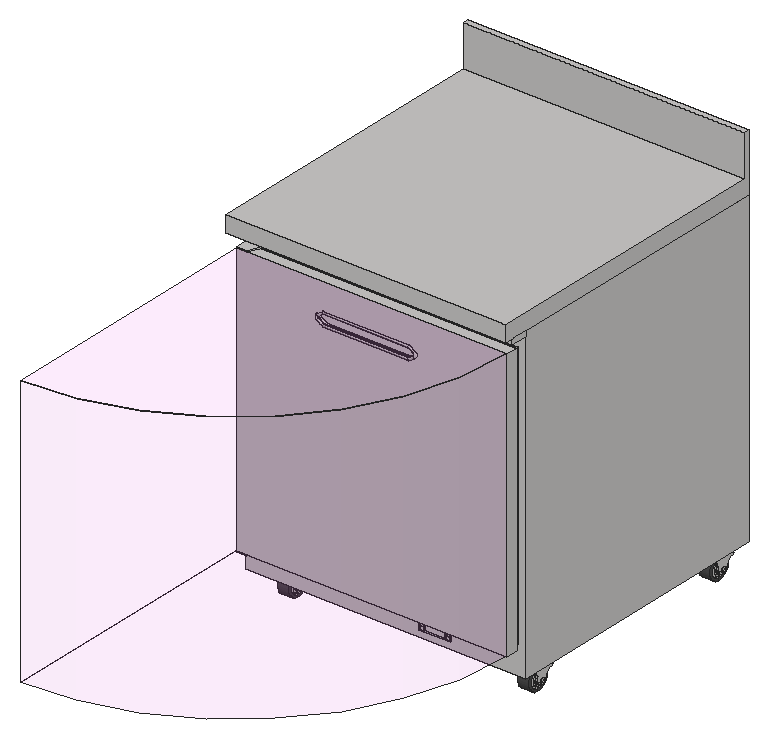
Revit family "QF_Kelvinator_738299_KCHUCWT27R", category Specialty Equipment, Revit 2021
Family settings
  Round Connector Dimension = Use Diameter
  Part Type = Normal
  Work Plane-Based = No
  Always vertical = Yes
  Cut with Voids When Loaded = No
  Shared = No
  Room Calculation Point = No
Parameters
  Weight in Pounds = 143.3
  Weight = 65.00 lbm
  Watts = 0 W
  Volts = 115 V
  URL Manufacturer = "KELVINATOR"
  URL Cutsheet = ""
  URL = "KELVINATOR"
  Specification by User = ""
  Specification by Manufacturer = ""
  Show Right Door [instance] = not(Show Left Door)  # no
  Show Left Door [instance] = yes
  Serial Number = ""
  Seismic Rating = ""
  SMACNA No = ""
  Revision Code = ""
  Refrigerant Type = "R600a"
  Phase = 1
  Number of Poles = 1
  NAFEM Spec ID Number = ""
  Model = "KCHUCWT27R"
  Min Ckt Ampacity = 0 A
  Max Overcurrent Protection = 0 A
  Masterspec = ""
  Manufacturer = "Kelvinator"
  Length Actual = 705"
  Length = 27 3/4"
  Item Number = "738299"
  Installed By = ""
  Identify Quantity as Lot = yes
  Height Actual = 1007"
  Height = 39 5/8"
  HP = "0.2 HP"
  Gas KW = 0
  Furnished By = ""
  Foodservice Equipment Identifier = yes
  FL Amps = 1.5 A
  Electrical Remarks = ""
  Electric Connection Type = ""
  Elec Conn RI Height = 0"
  Elec Conn Connection Height = 0"
  Description = "1-DOOR REFRIGERATED WORK TOP 27\" LONG"
  Depth Actual = 760"
  Depth = 29 15/16"
  Default Elevation = 0"
  Cycle = 60 Hz
  Conn Plug = "5-15P"
  Conn Conduit = yes
  CSI MasterFormat = ""
  Apparent Power = 0 VA
  Accessory = no
Reference planes (in)
  plane 1 "BACK": y = 0
  plane 2: z = 0
  plane 3 "LEFT": x = 0
  plane 4 "RIGHT": x = 27.75
  plane 5 "FRONT": y = -29.9375
  plane 6 "TOP": z = 39.625
  plane 7 "Center Y": x = 13.875
  plane 8 "Center X": y = -14.96875
Dimensions and locks (in)
  equal spacing: plane 3 "LEFT", plane 7 "Center Y", plane 4 "RIGHT"
  "Length": plane 3 "LEFT" to plane 4 "RIGHT"
  equal spacing: plane 5 "FRONT", plane 8 "Center X", plane 1 "BACK"
  "Depth": plane 5 "FRONT" to plane 1 "BACK"
  "Height": plane 6 "TOP" to level
  aligned and locked: level to plane 2
Nested families (in)
  nested 1: "KCHST.0001" at (0, 0, 0), Show Right Door <- "Show Right Door", Show Left Door <- "Show Left Door", type "KCHST.0001"
    with Show Right Door no, Show Left Door yes, Show Clearance yes
Connectors (in)
  electrical at (13.85, -0.87772, 2.31881), driven by "Volts", driven by "Watts"
    settings: on nested 1, index 1, voltage 115 V, apparent load 0 VA, apparent load phase1 0 VA, apparent load phase2 0 VA, apparent load phase3 0 VA, power factor 1, load classification "Other", number of poles 1, system type 30, power factor state 1, is connector primary yes, connector utility no, sub classification motor no, connector description ""
Definition of nested family "KCHST.0001"
  Parameters (values of type "KCHST.0001")
    Show Left Door [instance] = yes
    Weight in Pounds = 0
    URL Cutsheet = ""
    Specification by User = ""
    Specification by Manufacturer = ""
    Show Right Door [instance] = yes
    Show Clearance [instance] = yes
    Serial Number = ""
    Seismic Rating = ""
    SMACNA No = ""
    Revision Code = ""
    NAFEM Spec ID Number = ""
    Masterspec = ""
    Length = 27 3/4"
    Item Number = ""
    Installed By = ""
    Identify Quantity as Lot = yes
    Height = 39 5/8"
    Furnished By = ""
    Foodservice Equipment Identifier = yes
    Depth = 29 15/16"
    Default Elevation = 0"
    CSI MasterFormat = ""
  Reference planes (in)
    plane 1 "BACK": y = 0
    plane 2: z = 0
    plane 3 "LEFT": x = 0
    plane 4 "RIGHT": x = 27.75
    plane 5 "FRONT": y = -29.9375
    plane 6 "TOP": z = 39.625
    plane 7 "Center Y": x = 13.875
    plane 8 "Center X": y = -14.96875
    plane 9: z = 3.1
    plane 10: z = 33.9
    plane 11: y = -56
    plane 12: y = -29.2
    plane 13: z = 32.4
    plane 14: z = 5.6
    plane 15: y = -27.5
    plane 16: x = 25.75
    plane 17: x = 2
    plane 18: x = 27.25
    plane 19: x = 0.5
    plane 20: z = 35.5
    plane 21: y = -27.2
  Forms (in)
    Extrusion 1, solid
      sketch origin (0, 0, 0) x (0, 1, 0) y (0, 0, 1)
        loop
          line (-27.5, 33.9) -> (-27.5, 3.1) -> (0, 3.1) -> (0, 33.9) -> (-27.5, 33.9)
      from 0 to 27.75
    Extrusion 2, solid
      sketch origin (0, 0, 0) x (0, 1, 0) y (0, 0, 1)
        loop
          line (-0.48673, 39.625) -> (-0.48673, 35.5) -> (-29.9375, 35.5) -> (-29.9375, 33.9) -> (0, 33.9) -> (0, 39.625) -> (-0.48673, 39.625)
      from 0 to 27.75
    Extrusion 3, solid
      sketch origin (0, 0, 0) x (0, 1, 0) y (0, 0, 1)
        loop
          line (-29.2, 33.9) -> (-29.2, 33.4) -> (-27.5, 33.4) -> (-27.5, 33.9) -> (-29.2, 33.9)
      from 0 to 27.75
    Extrusion 4, solid
      sketch origin (13.875, 6.90541, 48) x (0, 1, 0) y (0, 0, 1)
        loop
          line (-36.10541, -15.6) -> (-36.10541, -42.4) -> (-34.95211, -42.4) -> (-34.95211, -15.6) -> (-36.10541, -15.6)
      from 13.375 to -13.375
    Extrusion 5, solid
      sketch origin (0, 0, 0) x (0, 1, 0) y (0, 0, 1)
        loop
          line (-28.04671, 32.20449) -> (-28.04671, 5.81322) -> (-27.79671, 5.81322) -> (-27.79671, 32.20449) -> (-28.04671, 32.20449)
      from 0.74536 to 26.90213
    Extrusion 6, solid
      sketch origin (0, 0.25, 0) x (0, 1, 0) y (0, 0, 1)
        loop
          line (-28.04671, 32.20449) -> (-28.04671, 5.81322) -> (-27.864, 5.81322) -> (-27.864, 32.20449) -> (-28.04671, 32.20449)
      from 0.74536 to 26.90213
    Extrusion 7, solid
      sketch origin (0, 0.4327, 0) x (0, 1, 0) y (0, 0, 1)
        loop
          line (-28.04671, 32.20449) -> (-28.04671, 5.81322) -> (-27.9327, 5.81322) -> (-27.9327, 32.20449) -> (-28.04671, 32.20449)
      from 0.74536 to 26.90213
    Extrusion 8, solid
      sketch origin (-4.97957, -27.5, -4.77927) x (-1, 0, 0) y (0, 0, 1)
        loop
          line (-22.17533, 9.70772) -> (-25.32493, 9.70772) -> (-25.32493, 8.52662) -> (-22.17533, 8.52662) -> (-22.17533, 9.70772)
        loop
          line (-22.25407, 9.63107) -> (-22.64777, 9.63107) -> (-22.64777, 9.31193) -> (-22.25407, 9.31193) -> (-22.25407, 9.63107)
        loop
          line (-22.25407, 9.27674) -> (-22.64777, 9.27674) -> (-22.64777, 8.9576) -> (-22.25407, 8.9576) -> (-22.25407, 9.27674)
        loop
          line (-22.25407, 8.92241) -> (-22.64777, 8.92241) -> (-22.64777, 8.60327) -> (-22.25407, 8.60327) -> (-22.25407, 8.92241)
        loop
          line (-25.24619, 9.63107) -> (-25.24619, 9.31193) -> (-24.85249, 9.31193) -> (-24.85249, 9.63107) -> (-25.24619, 9.63107)
        loop
          line (-25.24619, 9.27674) -> (-25.24619, 8.9576) -> (-24.85249, 8.9576) -> (-24.85249, 9.27674) -> (-25.24619, 9.27674)
        loop
          line (-25.24619, 8.92241) -> (-25.24619, 8.60327) -> (-24.85249, 8.60327) -> (-24.85249, 8.92241) -> (-25.24619, 8.92241)
        loop
          line (-22.72525, 9.63107) -> (-24.77501, 9.63107) -> (-24.77501, 8.60716) -> (-22.72525, 8.60716) -> (-22.72525, 9.63107)
      from 0.07874 to -0.04602
    Extrusion 9, solid
      sketch origin (-4.97957, -27.54602, -4.77927) x (1, 0, 0) y (0, 0, 1)
        loop
          line (24.85249, 9.63107) -> (24.85249, 9.31193) -> (25.24619, 9.31193) -> (25.24619, 9.63107) -> (24.85249, 9.63107)
        loop
          line (24.85249, 9.27674) -> (24.85249, 8.9576) -> (25.24619, 8.9576) -> (25.24619, 9.27674) -> (24.85249, 9.27674)
        loop
          line (24.85249, 8.92241) -> (24.85249, 8.60327) -> (25.24619, 8.60327) -> (25.24619, 8.92241) -> (24.85249, 8.92241)
        loop
          line (22.64777, 9.63107) -> (22.25407, 9.63107) -> (22.25407, 9.31193) -> (22.64777, 9.31193) -> (22.64777, 9.63107)
        loop
          line (22.64777, 9.27674) -> (22.25407, 9.27674) -> (22.25407, 8.9576) -> (22.64777, 8.9576) -> (22.64777, 9.27674)
        loop
          line (22.64777, 8.92241) -> (22.25407, 8.92241) -> (22.25407, 8.60327) -> (22.64777, 8.60327) -> (22.64777, 8.92241)
      from 0 to -0.07874
    Extrusion 10, solid
      sketch origin (-4.97957, -27.54602, -4.77927) x (1, 0, 0) y (0, 0, 1)
        loop
          line (22.72525, 9.63107) -> (22.72525, 8.60716) -> (24.77501, 8.60716) -> (24.77501, 9.63107) -> (22.72525, 9.63107)
      from 0 to -0.07874
    Extrusion 11, void
      sketch origin (-4.97957, -27.5, -4.77927) x (-1, 0, 0) y (0, 0, 1)
        loop
          line (-22.17533, 9.70772) -> (-25.32493, 9.70772) -> (-25.32493, 8.52662) -> (-22.17533, 8.52662) -> (-22.17533, 9.70772)
      from 0 to 0.07874
    Extrusion 12, void
      sketch origin (-15.80943, -29.19996, 31.5181) x (0, 0, 1) y (1, 0, 0)
        loop
          line (-1.94791, 24.94068) -> (-1.94791, 33.29068) -> (-2.28604, 33.83168)
          arc (-2.28604, 33.83168) -> (-2.38541, 33.88676) -> (-2.48479, 33.83168) r 0.11719
          line (-2.48479, 33.83168) -> (-2.82291, 33.29068) -> (-2.82291, 24.94068) -> (-2.48621, 24.40196)
          arc (-2.48621, 24.40196) -> (-2.38541, 24.34609) -> (-2.28462, 24.40196) r 0.11887
          line (-2.28462, 24.40196) -> (-1.94791, 24.94068)
      from 0 to 0.31887
    Sweep 13, solid
      path origin (-15.80943, -26.39996, 31.5181) x (0, 0, -1) y (1, 0, 0)
        loop
          line (2.82291, 33.29068) -> (2.48479, 33.83168)
          arc (2.48479, 33.83168) -> (2.38541, 33.88676) -> (2.28604, 33.83168) r 0.11719
          line (2.28604, 33.83168) -> (1.94791, 33.29068) -> (1.94791, 24.94068) -> (2.28462, 24.40196)
          arc (2.28462, 24.40196) -> (2.38541, 24.34609) -> (2.48621, 24.40196) r 0.11887
          line (2.48621, 24.40196) -> (2.82291, 24.94068) -> (2.82291, 33.29068)
      profile origin (13.30625, -26.39996, 28.69519) x (0, 0, -1) y (0, -1, 0)
        loop
          line (0, 2.8) -> (0.25, 2.8)
          arc (0.25, 2.8) -> (0.125, 2.85269) -> (0, 2.8) r 0.17461
    Extrusion 14, solid
      sketch origin (0.56875, -3.56521, 3.1) x (-1, 0, 0) y (0, 1, 0)
        loop
          circle (-13.28125, 2.68749) r 0.25
      from 0 to 0.78119
    Extrusion 15, solid, visible <- "Show Right Door"
      sketch origin (0, 9.61225, 5.6) x (1, 0, 0) y (0, -1, 0)
        loop
          line (0.5, 38.81225) -> (27.25, 38.81225) -> (27.25, 65.56225)
          arc (27.25, 65.56225) -> (8.33489, 57.72736) -> (0.5, 38.81225) r 26.75
      from 0 to -26.8
    Extrusion 16, solid, visible <- "Show Right Door"
      sketch origin (13.875, -29.2, 32.4) x (0, 1, 0) y (-1, 0, 0)
        loop
          line (1.7, -13.375) -> (1.7, -11.625) -> (0, -12.375) -> (0, -13.375) -> (1.7, -13.375)
      from 0 to 0.13
    Extrusion 17, solid, visible <- "Show Right Door"
      sketch origin (13.875, -28.04671, 5.6) x (-1, 0, 0) y (0, 1, 0)
        loop
          line (-13.375, 0.54671) -> (-13.375, -1.15329) -> (-12.375, -1.15329) -> (-11.625, 0.54671) -> (-13.375, 0.54671)
      from 0 to 0.13
    Extrusion 18, solid, visible <- "Show Left Door"
      sketch origin (13.875, -29.2, 32.4) x (0, 1, 0) y (-1, 0, 0)
        loop
          line (1.7, 13.375) -> (0, 13.375) -> (0, 12.375) -> (1.7, 11.625) -> (1.7, 13.375)
      from 0 to 0.13
    Extrusion 19, solid, visible <- "Show Left Door"
      sketch origin (13.875, -28.04671, 5.6) x (-1, 0, 0) y (0, 1, 0)
        loop
          line (13.375, 0.54671) -> (11.625, 0.54671) -> (12.375, -1.15329) -> (13.375, -1.15329) -> (13.375, 0.54671)
      from 0 to 0.13
    Extrusion 20, solid, visible <- "Show Left Door"
      sketch origin (27.8, 9.61225, 5.6) x (1, 0, 0) y (0, -1, 0)
        loop
          arc (-0.55, 38.81225) -> (-8.38489, 57.72736) -> (-27.3, 65.56225) r 26.75
          line (-27.3, 65.56225) -> (-27.3, 38.81225) -> (-0.55, 38.81225)
      from 0 to -26.8
  Cuts and joins
    Extrusion 11 cuts Extrusion 8
    Extrusion 12 cuts Extrusion 4
  Lines and regions (in)
    symbolic lines
      curve 1: line (27.75, -29.9375, 0) -> (27.75, 0, 0)
      curve 2: line (27.75, 0, 0) -> (0, 0, 0)
      curve 3: line (0, 0, 0) -> (0, -29.9375, 0)
      curve 4: line (0, -29.9375, 0) -> (27.75, -29.9375, 0)
      curve 5: line (0, -0.48673, 0) -> (27.75, -0.48673, 0)
    symbolic lines, visible <- "Show Right Door"
      curve 6: arc (0.50285, -29.9375, 0) -> (1.5946, -36.79965, 0) -> (4.41646, -43.14932, 0) r 26.75732
      curve 7: line (27.25, -29.9375, 0) -> (4.41646, -43.14932, 0)
    symbolic lines, visible <- "Show Left Door"
      curve 8: arc (27.24715, -29.9375, 0) -> (26.1554, -36.79965, 0) -> (23.33354, -43.14932, 0) r 26.75732
      curve 9: line (0.5, -29.9375, 0) -> (23.33354, -43.14932, 0)
  Dimensions and locks (in)
    equal spacing: plane 3 "LEFT", plane 7 "Center Y", plane 4 "RIGHT"
    "Length": plane 3 "LEFT" to plane 4 "RIGHT"
    equal spacing: plane 5 "FRONT", plane 8 "Center X", plane 1 "BACK"
    "Depth": plane 5 "FRONT" to plane 1 "BACK"
    "Height": plane 6 "TOP" to level
    level to plane 9 = 3.1"
    plane 10 to plane 9 = 30.8"
    plane 11 to plane 1 "BACK" = 56"
    plane 14 to plane 13 = 26.8"
    locked: plane 4 "RIGHT" to plane 16 at 2
    locked: plane 3 "LEFT" to plane 17 at 2
    locked: plane 19 to plane 3 "LEFT" at 0.5
    locked: plane 18 to plane 4 "RIGHT" at 0.5
    plane 3 "LEFT" to plane 4 "RIGHT" = 27 3/4"
    plane 20 to level = 35 1/2"
    plane 6 "TOP" to plane 20 = 4 1/8"
    plane 5 "FRONT" to plane 1 "BACK" = 29 15/16"
    plane 21 to plane 1 "BACK" = 27.2"
    plane 9 to plane 20 = 32.4"
    aligned and locked: level to plane 2
    aligned and locked: plane 16 to nested 1
    aligned and locked: nested 2 to plane 17
    aligned and locked: Extrusion 1 to plane 4 "RIGHT"
    aligned and locked: plane 4 "RIGHT" to Extrusion 1
    aligned and locked: Extrusion 3 to plane 4 "RIGHT"
    aligned and locked: Extrusion 2 to plane 4 "RIGHT"
    aligned and locked: plane 18 to cut or joined group of Extrusion 4, Extrusion 12
    aligned and locked: cut or joined group of Extrusion 4, Extrusion 12 to plane 19
    aligned and locked: plane 16 to nested 3
  Automatic sketch dimensions
    curve 5 to plane 3 "LEFT" = 0"
    curve 8 to plane 12 = 0"
    curve 8 to plane 19 = 0"
    plane 5 "FRONT" to curve 9 = 0"
    curve 9 to plane 19 = 0"
    curve 7 to plane 18 = 0"
    curve 6 to plane 12 = 0"
    curve 6 to plane 18 = 0"
    curve 4 to plane 4 "RIGHT" = 0"
    plane 1 "BACK" to curve 2 = 0"
    curve 7 to plane 17 = 2.41646"
    curve 9 to plane 16 = 2.41646"
    curve 7 to plane 11 = 12.85068"
    curve 9 to plane 11 = 12.85068"
    plane 1 "BACK" to curve 5 = 0.48673"
    plane 9 to Extrusion 1 sketch curve = 0"
    Extrusion 1 sketch curve to plane 15 = 0"
    Extrusion 1 sketch curve to plane 1 "BACK" = 0"
    Extrusion 1 sketch curve to plane 10 = 0"
    Extrusion 2 sketch curve to plane 5 "FRONT" = 0"
    Extrusion 2 sketch curve to plane 20 = 0"
    Extrusion 2 sketch curve to plane 6 "TOP" = 0"
    Extrusion 2 sketch curve to plane 1 "BACK" = 0"
    Extrusion 2 sketch curve to plane 10 = 0"
    plane 1 "BACK" to Extrusion 2 sketch curve = 0.48673"
    Extrusion 3 sketch curve to plane 10 = 0"
    Extrusion 3 sketch curve to plane 12 = 0"
    Extrusion 3 sketch curve to plane 15 = 0"
    Extrusion 3 sketch curve to Extrusion 3 sketch curve = 1/2"
    Extrusion 4 sketch curve to plane 12 = 0"
    plane 14 to Extrusion 4 sketch curve = 0"
    plane 13 to Extrusion 4 sketch curve = 0"
    Extrusion 4 sketch curve to plane 15 = 0.54671"
    Extrusion 5 sketch curve to plane 14 = 0.21322"
    Extrusion 5 sketch curve to plane 15 = 0.54671"
    Extrusion 5 sketch curve to Extrusion 5 sketch curve = 1/4"
    plane 13 to Extrusion 5 sketch curve = 0.19551"
    Extrusion 6 sketch curve to plane 15 = 0.29671"
    Extrusion 6 sketch curve to plane 15 = 0.114"
    Extrusion 6 sketch curve to plane 14 = 0.21322"
    plane 13 to Extrusion 6 sketch curve = 0.19551"
    Extrusion 7 sketch curve to plane 15 = 0"
    Extrusion 7 sketch curve to Extrusion 7 sketch curve = 0.114"
    Extrusion 7 sketch curve to plane 14 = 0.21322"
    plane 13 to Extrusion 7 sketch curve = 0.19551"
    plane 14 to Extrusion 8 sketch curve = 0.67154"
    Extrusion 8 sketch curve to plane 16 = 5.40464"
    Extrusion 8 sketch curve to Extrusion 8 sketch curve = 0.07874"  (x3)
    Extrusion 8 sketch curve to Extrusion 8 sketch curve = 0"  (x7)
    Extrusion 8 sketch curve to Extrusion 8 sketch curve = 0.3937"  (x2)
    Extrusion 8 sketch curve to Extrusion 8 sketch curve = 0.07748"  (x3)
    Extrusion 8 sketch curve to plane 9 = 0.72789"
    Extrusion 8 sketch curve to Extrusion 8 sketch curve = 2.04976"
    Extrusion 8 sketch curve to Extrusion 8 sketch curve = 1/256"  (x2)
    Extrusion 8 sketch curve to Extrusion 8 sketch curve = 0.07665"  (x3)
    Extrusion 8 sketch curve to Extrusion 8 sketch curve = 0.31914"  (x4)
    Extrusion 8 sketch curve to Extrusion 8 sketch curve = 0.03519"  (x4)
    Extrusion 8 to Extrusion 9 sketch curve = 0"  (x10)
    Extrusion 9 sketch curve to Extrusion 8 = 0"  (x14)
    Extrusion 10 sketch curve to Extrusion 8 = 0"  (x3)
    Extrusion 8 to Extrusion 10 sketch curve = 0"
    plane 14 to Extrusion 11 sketch curve = 0.67154"
    Extrusion 11 sketch curve to plane 16 = 5.40464"
    Extrusion 11 sketch curve to plane 9 = 0.64735"
    Extrusion 11 sketch curve to Extrusion 11 sketch curve = 3.14961"
    plane 13 to Extrusion 12 sketch curve = 3.70481"
    Extrusion 12 sketch curve to Extrusion 12 sketch curve = 0.3367"
    Extrusion 12 sketch curve to Extrusion 12 sketch curve = 0.33813"  (x2)
    Extrusion 12 sketch curve to Extrusion 12 sketch curve = 0.09937"  (x2)
    Extrusion 12 sketch curve to Extrusion 12 sketch curve = 0.1008"  (x2)
    Extrusion 12 sketch curve to plane 7 "Center Y" = 5.28247"
    Extrusion 12 sketch curve to Extrusion 12 sketch curve = 0.063"
    Extrusion 12 sketch curve to Extrusion 12 sketch curve = 0.53872"  (x2)
    plane 7 "Center Y" to Extrusion 12 sketch curve = 3.60625"
    Extrusion 12 sketch curve to Extrusion 12 sketch curve = 0"
    Extrusion 12 sketch curve to Extrusion 12 sketch curve = 0.47889"
    Extrusion 12 sketch curve to Extrusion 12 sketch curve = 0.06211"
    plane 13 to Sweep 13 sketch curve = 2.82981"
    Sweep 13 sketch curve to Sweep 13 sketch curve = 0.3367"
    Sweep 13 sketch curve to Sweep 13 sketch curve = 0.33813"  (x2)
    Sweep 13 sketch curve to Sweep 13 sketch curve = 0.09937"  (x2)
    Sweep 13 sketch curve to Sweep 13 sketch curve = 0.1008"  (x2)
    Sweep 13 sketch curve to plane 7 "Center Y" = 5.28247"
    Sweep 13 sketch curve to Sweep 13 sketch curve = 0.063"
    Sweep 13 sketch curve to Sweep 13 sketch curve = 0.53872"  (x2)
    plane 7 "Center Y" to Sweep 13 sketch curve = 3.60625"
    Sweep 13 sketch curve to Sweep 13 sketch curve = 0"
    Sweep 13 sketch curve to Sweep 13 sketch curve = 0.47889"
    Sweep 13 sketch curve to Sweep 13 sketch curve = 0.06211"
    Sweep 13 sketch curve to profile plane = 0"
    Sweep 13 sketch curve to profile plane = 1/8"
    profile plane to Sweep 13 sketch curve = 2.67809"
    Sweep 13 sketch curve to Sweep 13 sketch curve = 0.12191"
    Extrusion 1 to Extrusion 14 sketch curve = 0.87772"
    Extrusion 14 sketch curve to Extrusion 1 = 13.9"
    Extrusion 15 sketch curve to plane 12 = 0"
    Extrusion 15 sketch curve to plane 19 = 0"
    Extrusion 15 sketch curve to plane 18 = 0"
    Extrusion 16 sketch curve to Extrusion 4 = 0"
    Extrusion 4 to Extrusion 16 sketch curve = 0"
    Extrusion 4 to Extrusion 16 sketch curve = 0.54671"
    Extrusion 4 to Extrusion 16 sketch curve = 1"
    Extrusion 4 to Extrusion 16 sketch curve = 1 3/4"
    Extrusion 17 sketch curve to Extrusion 4 = 0"
    Extrusion 4 to Extrusion 17 sketch curve = 0"
    Extrusion 17 sketch curve to Extrusion 4 = 1"
    Extrusion 17 sketch curve to Extrusion 4 = 0.54671"
    Extrusion 17 sketch curve to Extrusion 4 = 1 3/4"
    Extrusion 18 sketch curve to Extrusion 4 = 0"  (x2)
    Extrusion 4 to Extrusion 18 sketch curve = 0.54671"
    Extrusion 4 to Extrusion 18 sketch curve = 1"
    Extrusion 4 to Extrusion 18 sketch curve = 1 3/4"
    Extrusion 4 to Extrusion 19 sketch curve = 0"
    Extrusion 19 sketch curve to Extrusion 4 = 0"
    Extrusion 19 sketch curve to Extrusion 4 = 1"
    Extrusion 19 sketch curve to Extrusion 4 = 0.54671"
    Extrusion 19 sketch curve to Extrusion 4 = 1 3/4"
    Extrusion 20 sketch curve to plane 12 = 0"
    Extrusion 20 sketch curve to plane 19 = 0"
    Extrusion 20 sketch curve to plane 18 = 0"
    radius of Extrusion 14 sketch curve = 1/4"
  Nested families (in)
    nested 1: "3 INCHES 01_CASTER" at (25.75, -24.75, 0), type "3 INCHES 01_CASTER"
      with Type Mark "", Specification by User "", Revision Code "", Item Number "", Installed By "", Identify Quantity as Lot yes, Furnished By "", Foodservice Equipment Identifier yes, 3 Inches Caster yes
    nested 2: "3 INCHES 01_CASTER" at (2, -24.75, 0), type "3 INCHES 01_CASTER"
      with Type Mark "", Specification by User "", Revision Code "", Item Number "", Installed By "", Identify Quantity as Lot yes, Furnished By "", Foodservice Equipment Identifier yes, 3 Inches Caster yes
    nested 3: "3 INCHES 01_CASTER" at (25.75, -2.375, 0), type "3 INCHES 01_CASTER"
      with Type Mark "", Specification by User "", Revision Code "", Item Number "", Installed By "", Identify Quantity as Lot yes, Furnished By "", Foodservice Equipment Identifier yes, 3 Inches Caster yes
    nested 4: "3 INCHES 01_CASTER" at (2, -2.375, 0), type "3 INCHES 01_CASTER"
      with Type Mark "", Specification by User "", Revision Code "", Item Number "", Installed By "", Identify Quantity as Lot yes, Furnished By "", Foodservice Equipment Identifier yes, 3 Inches Caster yes
  Definition of nested family "3 INCHES 01_CASTER"
    Parameters (values of type "3 INCHES 01_CASTER")
      Weight = ""
      URL Manufacturer = ""
      URL Cutsheet = ""
      URL = ""
      Type Mark [instance] = ""
      Specification by User [instance] = ""
      Specification by Manufacturer = ""
      Serial Number = ""
      Seismic Rating = ""
      SMACNA No = ""
      Revision Code [instance] = ""
      Omniclass Number and Title = ""
      NAFEM Spec ID Number = ""
      Model = ""
      MasterSpec. = ""
      Manufacturer = ""
      Item Number [instance] = ""
      Installed By [instance] = ""
      Identify Quantity as Lot [instance] = yes
      Furnished By [instance] = ""
      Foodservice Equipment Identifier [instance] = yes
      Description = ""
      Default Elevation = 0"
      CSI MasterFormat = ""
      CSI Master Format = ""
      Assembly Code = ""
      3 Inches Caster [instance] = yes
    Reference planes (in)
      plane 1: z = 0
      plane 2 "RIGHT": x = 0
      plane 3 "FRONT": y = 0
      plane 4 "TOP": z = 3.1
    Forms (in)
      Revolve 1, solid, visible <- "3 Inches Caster"
        sketch origin (-1.93794, 0.56004, -1.0041) x (1, 0, 0) y (0, 0, 1)
          loop
            line (0.74055, 2.11347) -> (0.74055, 2.03797) -> (0.79055, 1.98797) -> (0.85055, 1.98797) -> (0.85055, 1.8679) -> (1.235, 1.8679) -> (1.235, 1.7068) -> (1.36441, 1.63209) -> (1.4003, 1.41035) -> (1.34375, 1.41035) -> (1.34375, 1.28535) -> (1.375, 1.28535) -> (1.375, 1.0041) -> (2.48438, 1.0041) -> (2.48438, 1.28535) -> (2.51563, 1.28535) -> (2.51563, 1.41035) -> (2.45908, 1.41035) -> (2.49553, 1.6356) -> (2.62438, 1.70999) -> (2.62438, 1.8679) -> (3.04007, 1.8679) -> (3.04007, 1.98797) -> (3.10007, 1.98797) -> (3.15007, 2.03797) -> (3.15007, 2.11347) -> (0.74055, 2.11347)
          axis (0.74055, 2.11347) -> (3.15007, 2.11347)
        angle from 0 to 360
      Extrusion 2, solid, visible <- "3 Inches Caster"
        sketch origin (-1.93794, 1.35294, -3.2541) x (0, 1, 0) y (0, 0, 1)
          loop
            line (-0.41094, 5.86793) -> (-0.41094, 6.01276) -> (-2.29494, 6.01276) -> (-2.29494, 5.71244) -> (-1.82301, 5.71244)
            arc (-1.82301, 5.71244) -> (-1.00307, 5.59865) -> (-0.19592, 5.41488) r 9.6332
            arc (-0.19592, 5.41488) -> (0.12646, 5.29481) -> (0.42224, 5.11916) r 1.92059
            line (0.42224, 5.11916) -> (0.51314, 5.245)
            arc (0.51314, 5.245) -> (0.27353, 5.42569) -> (0.01201, 5.5729) r 2.25036
            line (0.01201, 5.5729) -> (0.09371, 5.71426)
            arc (0.09371, 5.71426) -> (-0.15272, 5.81043) -> (-0.41094, 5.86793) r 1.73151
        from 1.17357 to 2.70231
      Revolve 3, solid, visible <- "3 Inches Caster"
        sketch origin (0, 1.73858, -3.25) x (0, 1, 0) y (0, 0, 1)
          loop
            line (-1.73858, 6.35) -> (-1.73858, 6.00866) -> (-0.93293, 6.00866) -> (-0.93293, 6.35) -> (-1.73858, 6.35)
          axis (-1.73858, 6.00866) -> (-1.73858, 6.35)
        angle from 0 to 360
      Extrusion 4, solid, visible <- "3 Inches Caster"
        sketch origin (-1.98481, 1.35294, -1.7541) x (0, 1, 0) y (0, 0, 1)
          loop
            line (-2.29494, 4.51276) -> (-2.29494, 4.21244) -> (-2.2074, 4.21244)
            arc (-2.2074, 4.21244) -> (-1.58796, 3.87196) -> (-1.3103, 3.22193) r 1.0835
            arc (-1.3103, 3.22193) -> (-1.27304, 2.98711) -> (-1.19616, 2.76214) r 1.38462
            arc (-1.19616, 2.76214) -> (-0.77704, 2.49744) -> (-0.37393, 2.78593) r 0.44401
            arc (-0.37393, 2.78593) -> (-0.35491, 2.84407) -> (-0.34077, 2.90358) r 0.74034
            arc (-0.34077, 2.90358) -> (-0.07302, 3.38916) -> (0.4279, 3.62699) r 0.90376
            line (0.4279, 3.62699) -> (0.51314, 3.745)
            arc (0.51314, 3.745) -> (0.27353, 3.92569) -> (0.01201, 4.0729) r 2.25036
            line (0.01201, 4.0729) -> (0.09371, 4.21426)
            arc (0.09371, 4.21426) -> (-0.15272, 4.31043) -> (-0.41094, 4.36793) r 1.73151
            line (-0.41094, 4.36793) -> (-0.41094, 4.51276) -> (-2.29494, 4.51276)
        from 2.74918 to 2.90825
      Extrusion 5, solid, visible <- "3 Inches Caster"
        sketch origin (1.98481, 1.35294, -1.7541) x (0, 1, 0) y (0, 0, -1)
          loop
            line (-2.29494, -4.51276) -> (-0.41094, -4.51276) -> (-0.41094, -4.36793)
            arc (-0.41094, -4.36793) -> (-0.15272, -4.31043) -> (0.09371, -4.21426) r 1.73151
            line (0.09371, -4.21426) -> (0.01201, -4.0729)
            arc (0.01201, -4.0729) -> (0.27353, -3.92569) -> (0.51314, -3.745) r 2.25036
            line (0.51314, -3.745) -> (0.4279, -3.62699)
            arc (0.4279, -3.62699) -> (-0.07302, -3.38916) -> (-0.34077, -2.90358) r 0.90376
            arc (-0.34077, -2.90358) -> (-0.35491, -2.84407) -> (-0.37393, -2.78593) r 0.74034
            arc (-0.37393, -2.78593) -> (-0.77704, -2.49744) -> (-1.19616, -2.76214) r 0.44401
            arc (-1.19616, -2.76214) -> (-1.27304, -2.98711) -> (-1.3103, -3.22193) r 1.38462
            arc (-1.3103, -3.22193) -> (-1.58796, -3.87196) -> (-2.2074, -4.21244) r 1.0835
            line (-2.2074, -4.21244) -> (-2.29494, -4.21244) -> (-2.29494, -4.51276)
        from 2.74918 to 2.90825
    Cuts and joins
      joined: Extrusion 2, Extrusion 4, Extrusion 5
    Lines and regions (in)
      symbolic lines, visible <- "3 Inches Caster"
        curve 1: line (0.1877, 1.65194, 0) -> (0.89063, 1.2461, 0)
        curve 2: line (-1.00175, -0.40823, 0) -> (0.1877, 1.65194, 0)
        curve 3: line (-0.29881, -0.81407, 0) -> (-1.00175, -0.40823, 0)
        curve 4: line (0.89063, 1.2461, 0) -> (-0.29881, -0.81407, 0)
    Dimensions and locks (in)
      plane 4 "TOP" to level = 3.1"  (x2)
      aligned and locked: level to plane 1
